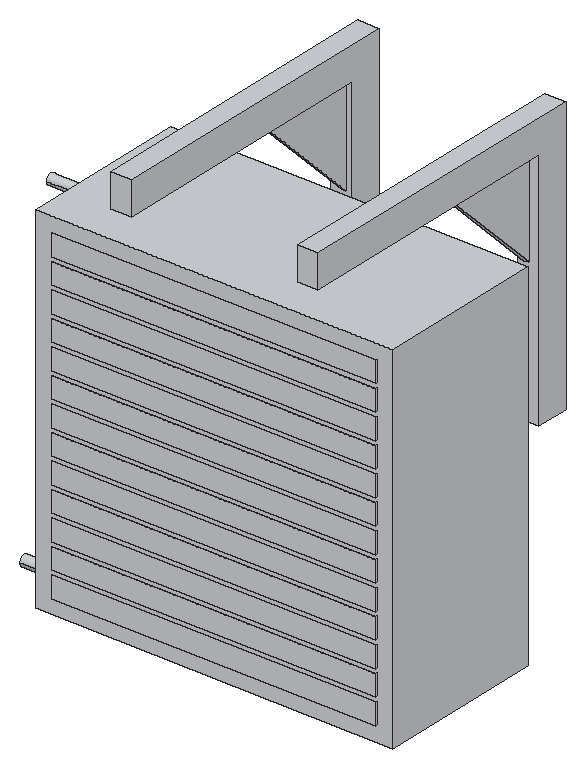
Revit family "Mark Tanner MDA verwarmer wandmontage", category Mechanical Equipment, Revit 2015
Parameters
  voltage = 0 V
  vermogen = 0 W
  schijnbaar_vermogen = voltage * nominale stroom  # 0 VA
  o2 [instance] = 333.225 mm
  o1 = 660 mm
  nominale stroom = 0 A
  lengte = l1  # 860 mm
  l3 = l1 + 100 mm  # 960 mm
  l2 = 450 mm
  l1 = h1  # 860 mm
  hoogte = h1  # 860 mm
  h1 = 860 mm
  gewicht = ""
  elektrisch_vermogen = 0 W
  debiet = 0.0 L/s
  con 1_RN = con 1_DN / 2  # 12.5 mm
  con 1_DN = 25 mm
  breedte = b1  # 405 mm
  b2 = b1 - 80 mm  # 325 mm
  b1 = 405 mm
  artikelnummer = ""
  aantal_polen = 1
  URL = "http://www.mark.nl/producten/"
  Type Comments = "MDA 121, 2 rijige wisselaar, 1 fase 230V fan, ,waterzijdige aansluiting 1"
  Model = "MDA 100"
  Manufacturer = "Mark"  # constant formula
Reference planes
  plane 1 "Center (Front/Back)": y = 0
  plane 2: z = 0
  plane 3 "Center (Left/Right)": x = 0
  plane 4: x = -430
  plane 5: x = 430
  plane 6: z = -145
  plane 7: y = -744
Dimensions and locks
  "l1": plane 4 to plane 5
  equal spacing: plane 4, plane 3 "Center (Left/Right)", plane 5
  aligned and locked: level to plane 2
  aligned and locked: plane 6 to nested 2
  aligned and locked: nested 2 to plane 7
  aligned and locked: plane 3 "Center (Left/Right)" to nested 1
Nested families
  nested 1: "Wand console" at (0, 0, 0), b1 <- "b2", l1 <- "l2", type "Wand console"
    with l1 450 mm, b1 325 mm
  nested 2: "Verwarmer" at (0, -541.5, -145), b1 <- "b1", h1 <- "h1", l1 <- "l1", r1 <- "con 1_RN", type "MDA 100"
    with r1 12.5 mm, l1 860 mm, h1 860 mm, b1 405 mm, b 780 mm, aantal 13, a 790 mm
Connectors
  electrical at (0, -541.5, -145), driven by "aantal_polen", driven by "voltage", driven by "schijnbaar_vermogen"
    settings: on nested 2, index 1, voltage 0 V, apparent load 0 VA, apparent load phase1 0 VA, apparent load phase2 0 VA, apparent load phase3 0 VA, power factor 1, load classification "Other", number of poles 1, system type 31, power factor state 1, is connector primary yes, connector utility no, sub classification motor no, connector description ""
  piping at (-522, -584, -181), diameter 25, driven by "con 1_DN"
    settings: on nested 2, index 2, connector inside diameter 609.6 mm, connector length 0 mm, flow factor 0, pipe flow 0.0 L/s, pressure drop 0.0 Pa, fitting loss kfactor 0, connector angle 0.00°, fixture units 0, engagement length 0 mm, angle of deflection 0.00°, flow configuration 0, flow direction 2, fitting loss method 0, system type 8, joint type 0, gender type 0, connector reference index -1, connector utility 0, adjustable connector no, is connector primary yes, connector description "retour"
  piping at (-522, -664, -969), diameter 25, driven by "con 1_DN"
    settings: on nested 2, index 3, connector inside diameter 609.6 mm, connector length 0 mm, flow factor 0, pipe flow 0.0 L/s, pressure drop 0.0 Pa, fitting loss kfactor 0, connector angle 0.00°, fixture units 0, engagement length 0 mm, angle of deflection 0.00°, flow configuration 0, flow direction 1, fitting loss method 0, system type 7, joint type 0, gender type 0, connector reference index -1, connector utility 0, adjustable connector no, is connector primary no, connector description ""
Definition of nested family "Wand console"
  Parameters (values of type "Wand console")
    l1 [instance] = 500 mm
    b1 [instance] = 300 mm
    artikelnummer = "5064051"  # constant formula
    URL = "http://www.mark.nl/producten/"
    Manufacturer = "Mark"  # constant formula
    Description = "plafond console"  # constant formula
  Reference planes
    plane 1 "Center (Front/Back)": y = 0
    plane 2: z = 0
    plane 3 "Center (Left/Right)": x = 0
    plane 4: x = -250
    plane 5: x = 250
  Forms (mm)
    Sweep 1, solid
      path origin (-250, 370.38, 1200) x (0, 1, 0) y (0, 0, 1)
        loop
          line (-1114.38, -1200) -> (-370.38, -1200) -> (-370.38, -1864)
      profile origin (-250, 0, -332) x (1, 0, 0) y (0, 1, 0)
        loop
          line (25, 0) -> (-25, 0) -> (-25, -80) -> (25, -80) -> (25, 0)
    Sweep 2, solid
      path origin (250, -539.048, 1120) x (0, -1, 0) y (0, 0, 1)
        loop
          line (204.952, -1200) -> (-459.048, -1200) -> (-459.048, -1784)
      profile origin (250, -80, -372) x (-1, 0, 0) y (0, -1, 0)
        loop
          line (25, 0) -> (-25, 0) -> (-25, -80) -> (25, -80) -> (25, 0)
    Extrusion 3, solid
      sketch origin (-250, 370.38, 1200) x (0, 1, 0) y (0, 0, 1)
        loop
          line (-690.38, -1280) -> (-450.38, -1520) -> (-450.38, -1280) -> (-690.38, -1280)
      from 0 to 11
    Extrusion 4, solid
      sketch origin (250, -459.048, 1200) x (0, -1, 0) y (0, 0, 1)
        loop
          line (-379.048, -1280) -> (-379.048, -1520) -> (-139.048, -1280) -> (-379.048, -1280)
      from 0 to 11
  Dimensions and locks
    equal spacing: plane 4, plane 3 "Center (Left/Right)", plane 5
    "l1": plane 4 to plane 5
    equal spacing: Sweep 1 sketch curve, profile plane, Sweep 1 sketch curve
    equal spacing: Sweep 2 sketch curve, profile plane, Sweep 2 sketch curve
    locked: Sweep 2 sketch curve to Sweep 2 sketch curve at 50
    locked: Sweep 1 sketch curve to Sweep 1 sketch curve at 50
    aligned and locked: level to plane 2
    aligned and locked: Sweep 2 to plane 1 "Center (Front/Back)"
  Automatic sketch dimensions
    Sweep 1 sketch curve to level = 0 mm
    Sweep 1 sketch curve to plane 1 "Center (Front/Back)" = 0 mm
    plane 1 "Center (Front/Back)" to Sweep 1 sketch curve = 744 mm
    Sweep 1 sketch curve to level = 664 mm
    profile plane to Sweep 1 sketch curve = 0 mm
    Sweep 1 sketch curve to Sweep 1 sketch curve = 80 mm
    profile plane to Sweep 2 sketch curve = 0 mm
    Sweep 2 sketch curve to Sweep 2 sketch curve = 80 mm
    plane 1 "Center (Front/Back)" to Sweep 2 sketch curve = 80 mm
    Sweep 2 sketch curve to level = 80 mm
    Sweep 2 sketch curve to Sweep 2 sketch curve = 664 mm
    Sweep 2 sketch curve to Sweep 2 sketch curve = 584 mm
    plane 1 "Center (Front/Back)" to Extrusion 3 sketch curve = 80 mm
    Extrusion 3 sketch curve to level = 320 mm
    Extrusion 3 sketch curve to level = 80 mm
    Extrusion 3 sketch curve to Extrusion 3 sketch curve = 240 mm
    Extrusion 4 sketch curve to level = 80 mm
    plane 1 "Center (Front/Back)" to Extrusion 4 sketch curve = 320 mm
    plane 1 "Center (Front/Back)" to Extrusion 4 sketch curve = 80 mm
    Extrusion 4 sketch curve to Extrusion 4 sketch curve = 240 mm
Definition of nested family "Verwarmer"
  Parameters (values of type "MDA 100")
    r1 [instance] = 12.5 mm
    l1 [instance] = 860 mm
    h1 [instance] = 860 mm
    b1 [instance] = 405 mm
    b [instance] = l1 - 80 mm  # 780 mm
    aantal [instance] = a / 60 mm  # 13
    a [instance] = h1 - 70 mm  # 790 mm
    Default Elevation = 1219.2 mm
  Reference planes
    plane 1 "Center (Front/Back)": y = 0
    plane 2: z = 0
    plane 3 "Center (Left/Right)": x = 0
    plane 4: x = -430
    plane 5: x = 430
    plane 6: x = -390
    plane 7: x = 390
    plane 8: y = 202.5
    plane 9: y = -202.5
    plane 10: y = -42.5
    plane 11: y = -122.5
    plane 12: z = -860
    plane 13: z = -36
    plane 14: z = -824
    plane 15: z = -430
  Forms (mm)
    Extrusion 1, solid
      sketch origin (0, 0, 0) x (1, 0, 0) y (0, 1, 0)
        loop
          line (-430, 202.5) -> (-430, -202.5) -> (430, -202.5) -> (430, 202.5) -> (-430, 202.5)
      from 0 to -860
    Sweep 2, solid
      path origin (1317.187, -1524, -36) x (0, -1, 0) y (1, 0, 0)
        loop
          line (-1401.5, -1747.187) -> (-1401.5, -1839.187)
      profile origin (-476, -122.5, -36) x (0, -1, 0) y (0, 0, 1)
        loop
          circle (0, -788) r 12.5
    Sweep 3, solid
      path origin (0, 0, 0) x (1, 0, 0) y (0, 1, 0)
        loop
          line (-522, -30) -> (-430, -30)
      profile origin (-476, -30, 0) x (0, 1, 0) y (0, 0, 1)
        loop
          circle (-12.5, -36) r 12.5
  Dimensions and locks
    equal spacing: plane 4, plane 3 "Center (Left/Right)", plane 5
    "l1": plane 4 to plane 5
    equal spacing: plane 6, plane 3 "Center (Left/Right)", plane 7
    "b1": plane 8 to plane 9
    equal spacing: plane 8, plane 1 "Center (Front/Back)", plane 9
    locked: plane 9 to plane 11 at 80
    locked: plane 10 to plane 9 at 160
    equal spacing: plane 2, plane 15, plane 12
    "h1": plane 2 to plane 12
    locked: plane 14 to plane 12 at 36
    locked: plane 2 to plane 13 at 36
    plane 13 to plane 14 = 788 mm
    equal spacing: plane 7, plane 3 "Center (Left/Right)", plane 6
    "b": plane 6 to plane 7
    equal spacing: group 1, group 3, group 4, group 5, group 6, group 7, group 8, group 9, group 10, group 11, group 12, group 13, group 2  (x2)
    equal spacing: group 2, group 13, group 12, group 11, group 10, group 9, group 8, group 7, group 6, group 5, group 4, group 3, group 1
    "r1": radius of Sweep 2 sketch curve
    "r1": radius of Sweep 3 sketch curve
    aligned and locked: level to plane 2
    aligned and locked: Extrusion 1 sketch curve to plane 8
    aligned and locked: plane 4 to Extrusion 1 sketch curve
    aligned and locked: plane 5 to Extrusion 1 sketch curve
    aligned and locked: plane 9 to Extrusion 1 sketch curve
    aligned and locked: Extrusion 1 to plane 12
    aligned and locked: plane 4 to Sweep 2 sketch curve
    aligned and locked: Sweep 2 sketch curve to plane 11  (x2)
    aligned and locked: plane 14 to Sweep 2 sketch curve
    aligned and locked: plane 4 to Sweep 3 sketch curve
    aligned and locked: plane 13 to Sweep 3 sketch curve
    aligned and locked: plane 10 to Sweep 3 sketch curve
    aligned and locked: plane 3 "Center (Left/Right)" to nested 1
    aligned and locked: nested 1 to plane 9
    aligned and locked: nested 2 to plane 14
    aligned and locked: nested 2 to plane 9
  Automatic sketch dimensions
    Sweep 2 sketch curve to Sweep 2 sketch curve = 92 mm
    Sweep 3 sketch curve to plane 4 = 92 mm
    plane 1 "Center (Front/Back)" to Sweep 3 sketch curve = 30 mm
  Nested families
    nested 1: "Family5" at (0, -202.5, -36), a <- "b", type "Family5"
      with a 780 mm
    nested 2: "Family5" at (0, -202.5, -774), a <- "b", type "Family5"
      with a 780 mm
    nested 3: "Family5" at (0, -202.5, -97.5), a <- "b", type "Family5"
      with a 780 mm
    nested 4: "Family5" at (0, -202.5, -159), a <- "b", type "Family5"
      with a 780 mm
    nested 5: "Family5" at (0, -202.5, -220.5), a <- "b", type "Family5"
      with a 780 mm
    nested 6: "Family5" at (0, -202.5, -282), a <- "b", type "Family5"
      with a 780 mm
    nested 7: "Family5" at (0, -202.5, -343.5), a <- "b", type "Family5"
      with a 780 mm
    nested 8: "Family5" at (0, -202.5, -405), a <- "b", type "Family5"
      with a 780 mm
    nested 9: "Family5" at (0, -202.5, -466.5), a <- "b", type "Family5"
      with a 780 mm
    nested 10: "Family5" at (0, -202.5, -528), a <- "b", type "Family5"
      with a 780 mm
    nested 11: "Family5" at (0, -202.5, -589.5), a <- "b", type "Family5"
      with a 780 mm
    nested 12: "Family5" at (0, -202.5, -651), a <- "b", type "Family5"
      with a 780 mm
    nested 13: "Family5" at (0, -202.5, -712.5), a <- "b", type "Family5"
      with a 780 mm
  Definition of nested family "Family5"
    Parameters (values of type "Family5")
      a [instance] = 752.12 mm
    Reference planes
      plane 1 "Center (Front/Back)": y = 0
      plane 2: z = 0
      plane 3 "Center (Left/Right)": x = 0
    Forms (mm)
      Extrusion 1, solid
        sketch origin (0, 0, 0) x (1, 0, 0) y (0, 1, 0)
          loop
            line (-376.06, 1.5) -> (-376.06, -1.5) -> (376.06, -1.5) -> (376.06, 1.5) -> (-376.06, 1.5)
        from -50 to 0
    Dimensions and locks
      equal spacing: Extrusion 1 sketch curve, plane 3 "Center (Left/Right)", Extrusion 1 sketch curve
      "a": Extrusion 1 sketch curve to Extrusion 1 sketch curve
      aligned and locked: level to plane 2
    Automatic sketch dimensions
      plane 1 "Center (Front/Back)" to Extrusion 1 sketch curve = 1.5 mm
      Extrusion 1 sketch curve to plane 1 "Center (Front/Back)" = 1.5 mm
Types in the file's own list only (42): name | voltage | vermogen | schijnbaar_vermogen | nominale stroom | lengte | l3 | l2 | l1 | hoogte | h1 | gewicht | elektrisch_vermogen | debiet | con 1_RN | con 1_DN | breedte | b2 | b1 | artikelnummer | aantal_polen | URL | Type Comments | Model
  Tanner MDA 121L | 230 V | 14500 W | 108 VA | 0 A | 450 mm | 550 mm | 387 mm | 450 mm | 450 mm | 450 mm | "22" | 90 W | 1595.0 L/s | 13 mm | 25 mm | 380 mm | 300 mm | 380 mm | "MDA 121L" | 1 | "http://www.mark.nl/luchtverwarming/watergevoed/tanner-mda/" | "MDA 121 ( 2 rijige wisselaar 1 fase 230 V fan waterzijdige aansluiting 1  laag toerental )" | "MDA 100"
  Tanner MDA 131L | 230 V | 17000 W | 108 VA | 0 A | 450 mm | 550 mm | 387 mm | 450 mm | 450 mm | 450 mm | "23" | 90 W | 1446.0 L/s | 13 mm | 25 mm | 380 mm | 300 mm | 380 mm | "MDA 131L" | 1 | "http://www.mark.nl/luchtverwarming/watergevoed/tanner-mda/" | "MDA 131 ( 3 rijige wisselaar  1 fase 230 V fan waterzijdige aansluiting 1 laag toerental)" | "MDA 100"
  Tanner MDA 141L | 230 V | 19000 W | 108 VA | 0 A | 450 mm | 550 mm | 387 mm | 450 mm | 450 mm | 450 mm | "24" | 90 W | 1265.0 L/s | 13 mm | 25 mm | 380 mm | 300 mm | 380 mm | "MDA 141L" | 1 | "http://www.mark.nl/luchtverwarming/watergevoed/tanner-mda/" | "MDA 131 ( 4 rijige wisselaar  1 fase 230 V fan waterzijdige aansluiting 1 laag toerental)" | "MDA 100"
  Tanner MDA 211L | 230 V | 14100 W | 117 VA | 1 A | 580 mm | 680 mm | 517 mm | 580 mm | 580 mm | 580 mm | "30" | 120 W | 2805.0 L/s | 13 mm | 25 mm | 385 mm | 305 mm | 385 mm | "MDA 211L" | 1 | "http://www.mark.nl/luchtverwarming/watergevoed/tanner-mda/" | "MDA 211 ( 1 rijige wisselaar  1 fase 230 V fanwaterzijdige aansluiting 1 laag toerental)" | "MDA 200"
  Tanner MDA 221L | 230 V | 25100 W | 117 VA | 1 A | 580 mm | 680 mm | 517 mm | 580 mm | 580 mm | 580 mm | "32" | 120 W | 2656.0 L/s | 13 mm | 25 mm | 385 mm | 305 mm | 385 mm | "MDA 221L" | 1 | "http://www.mark.nl/luchtverwarming/watergevoed/tanner-mda/" | "MDA 221 ( 2 rijige wisselaar  1 fase 230 V fan waterzijdige aansluiting 1 laag toerental)" | "MDA 200"
  Tanner MDA 231L | 230 V | 30800 W | 117 VA | 1 A | 580 mm | 680 mm | 517 mm | 580 mm | 580 mm | 580 mm | "34" | 120 W | 2381.0 L/s | 13 mm | 25 mm | 385 mm | 305 mm | 385 mm | "MDA 231L" | 1 | "http://www.mark.nl/luchtverwarming/watergevoed/tanner-mda/" | "MDA 231 ( 3 rijige wisselaar  1 fase 230 V fan waterzijdige aansluiting 1 laag toerental)" | "MDA 200"
  Tanner MDA 241L | 230 V | 33300 W | 117 VA | 1 A | 580 mm | 680 mm | 517 mm | 580 mm | 580 mm | 580 mm | "36" | 120 W | 2230.0 L/s | 13 mm | 25 mm | 385 mm | 305 mm | 385 mm | "MDA 241L" | 1 | "http://www.mark.nl/luchtverwarming/watergevoed/tanner-mda/" | "MDA 241 ( 4 rijige wisselaar  1 fase 230 V fan waterzijdige aansluiting 1 laag toerental)" | "MDA 200"
  Tanner MDA 321L | 230 V | 52700 W | 391 VA | 2 A | 730 mm | 830 mm | 667 mm | 730 mm | 730 mm | 730 mm | "43" | 330 W | 6495.0 L/s | 13 mm | 25 mm | 385 mm | 305 mm | 385 mm | "MDA 321L" | 1 | "http://www.mark.nl/luchtverwarming/watergevoed/tanner-mda/" | "MDA 321 ( 2 rijige wisselaar  1 fase 230 V fan waterzijdige aansluiting 1 laag toerental)" | "MDA 300"
  Tanner MDA 331L | 230 V | 65900 W | 391 VA | 2 A | 730 mm | 830 mm | 667 mm | 730 mm | 730 mm | 730 mm | "46" | 330 W | 5857.0 L/s | 16 mm | 32 mm | 385 mm | 305 mm | 385 mm | "MDA 331L" | 1 | "http://www.mark.nl/luchtverwarming/watergevoed/tanner-mda/" | "MDA 331 ( 3 rijige wisselaar  1 fase 230 V fan waterzijdige aansluiting 11/4 laag toerental)" | "MDA 300"
  Tanner MDA 341L | 230 V | 72100 W | 391 VA | 2 A | 730 mm | 830 mm | 667 mm | 730 mm | 730 mm | 730 mm | "49" | 330 W | 5423.0 L/s | 16 mm | 32 mm | 385 mm | 305 mm | 385 mm | "MDA 341L" | 1 | "http://www.mark.nl/luchtverwarming/watergevoed/tanner-mda/" | "MDA 341 ( 4 rijige wisselaar  1 fase 230 V fan waterzijdige aansluiting 11/4 laag toerental)" | "MDA 300"
  Tanner MDA 411L | 230 V | 42500 W | 598 VA | 3 A | 860 mm | 960 mm | 667 mm | 860 mm | 860 mm | 860 mm | "51" | 550 W | 10320.0 L/s | 16 mm | 32 mm | 405 mm | 325 mm | 405 mm | "MDA 411L" | 1 | "http://www.mark.nl/luchtverwarming/watergevoed/tanner-mda/" | "MDA 411 ( 1 rijige wisselaar  1 fase 230 V fanwaterzijdige aansluiting 11/4 laag toerental)" | "MDA 400"
  Tanner MDA 421L | 230 V | 80000 W | 598 VA | 3 A | 860 mm | 960 mm | 667 mm | 860 mm | 860 mm | 860 mm | "55" | 550 W | 9933.0 L/s | 16 mm | 32 mm | 405 mm | 325 mm | 405 mm | "MDA 421L" | 1 | "http://www.mark.nl/luchtverwarming/watergevoed/tanner-mda/" | "MDA 421 ( 2 rijige wisselaar  1 fase 230 V fanwaterzijdige aansluiting 11/4 laag toerental)" | "MDA 400"
  Tanner MDA 431L | 230 V | 101000 W | 598 VA | 3 A | 860 mm | 960 mm | 667 mm | 860 mm | 860 mm | 860 mm | "59" | 550 W | 8816.0 L/s | 20 mm | 40 mm | 405 mm | 325 mm | 405 mm | "MDA 431L" | 1 | "http://www.mark.nl/luchtverwarming/watergevoed/tanner-mda/" | "MDA 431 ( 3 rijige wisselaar  1 fase 230 V fanwaterzijdige aansluiting 11/2 laag toerental)" | "MDA 400"
  Tanner MDA 441L | 230 V | 110000 W | 598 VA | 3 A | 860 mm | 960 mm | 667 mm | 860 mm | 860 mm | 860 mm | "63" | 550 W | 8217.0 L/s | 20 mm | 40 mm | 405 mm | 325 mm | 405 mm | "MDA 441L" | 1 | "http://www.mark.nl/luchtverwarming/watergevoed/tanner-mda/" | "MDA 441 ( 4 rijige wisselaar  1 fase 230 V fanwaterzijdige aansluiting 11/2 laag toerental)" | "MDA 400"
  Tanner MDA 121H | 230 V | 18000 W | 154 VA | 1 A | 450 mm | 550 mm | 387 mm | 450 mm | 450 mm | 450 mm | "22" | 150 W | 2365.0 L/s | 13 mm | 25 mm | 380 mm | 300 mm | 380 mm | "MDA 121H" | 1 | "http://www.mark.nl/luchtverwarming/watergevoed/tanner-mda/" | "MDA 121 ( 2 rijige wisselaar  1 fase 230 V fan waterzijdige aansluiting 1 hoog toerental)" | "MDA 100"
  Tanner MDA 131H | 230 V | 22100 W | 154 VA | 1 A | 450 mm | 550 mm | 387 mm | 450 mm | 450 mm | 450 mm | "23" | 150 W | 2244.0 L/s | 13 mm | 25 mm | 380 mm | 300 mm | 380 mm | "MDA 131H" | 1 | "http://www.mark.nl/luchtverwarming/watergevoed/tanner-mda/" | "MDA 131 ( 3 rijige wisselaar  1 fase 230 V fan waterzijdige aansluiting 1 hoog toerental)" | "MDA 100"
  Tanner MDA 141H | 230 V | 25100 W | 154 VA | 1 A | 450 mm | 550 mm | 387 mm | 450 mm | 450 mm | 450 mm | "24" | 150 W | 1914.0 L/s | 13 mm | 25 mm | 380 mm | 300 mm | 380 mm | "MDA 141H" | 1 | "http://www.mark.nl/luchtverwarming/watergevoed/tanner-mda/" | "MDA 131 ( 4 rijige wisselaar  1 fase 230 V fan waterzijdige aansluiting 1 hoog toerental)" | "MDA 100"
  Tanner MDA 211H | 230 V | 17200 W | 311 VA | 1 A | 580 mm | 680 mm | 517 mm | 580 mm | 580 mm | 580 mm | "30" | 280 W | 4450.0 L/s | 13 mm | 25 mm | 385 mm | 305 mm | 385 mm | "MDA 211H" | 1 | "http://www.mark.nl/luchtverwarming/watergevoed/tanner-mda/" | "MDA 211 ( 1 rijige wisselaar  1 fase 230 V fan waterzijdige aansluiting 1 hoog toerental)" | "MDA 200"
  Tanner MDA 221H | 230 V | 32400 W | 311 VA | 1 A | 580 mm | 680 mm | 517 mm | 580 mm | 580 mm | 580 mm | "32" | 280 W | 4202.0 L/s | 13 mm | 25 mm | 385 mm | 305 mm | 385 mm | "MDA 221H" | 1 | "http://www.mark.nl/luchtverwarming/watergevoed/tanner-mda/" | "MDA 221 ( 2 rijige wisselaar  1 fase 230 V fan waterzijdige aansluiting 1 hoog toerental)" | "MDA 200"
  Tanner MDA 231H | 230 V | 42000 W | 311 VA | 1 A | 580 mm | 680 mm | 517 mm | 580 mm | 580 mm | 580 mm | "34" | 280 W | 3932.0 L/s | 13 mm | 25 mm | 385 mm | 305 mm | 385 mm | "MDA 231H" | 1 | "http://www.mark.nl/luchtverwarming/watergevoed/tanner-mda/" | "MDA 231 ( 3 rijige wisselaar  1 fase 230 V fan waterzijdige aansluiting 1 hoog toerental)" | "MDA 200"
  Tanner MDA 241H | 230 V | 46600 W | 311 VA | 1 A | 580 mm | 680 mm | 517 mm | 580 mm | 580 mm | 580 mm | "34" | 280 W | 3734.0 L/s | 13 mm | 25 mm | 385 mm | 305 mm | 385 mm | "MDA 241H" | 1 | "http://www.mark.nl/luchtverwarming/watergevoed/tanner-mda/" | "MDA 241 ( 4 rijige wisselaar  1 fase 230 V fan waterzijdige aansluiting 1 hoog toerental)" | "MDA 200"
  Tanner MDA 123L | 400 V | 14500 W | 40 VA | 0 A | 450 mm | 550 mm | 387 mm | 450 mm | 450 mm | 450 mm | "22" | 50 W | 1595.0 L/s | 13 mm | 25 mm | 380 mm | 300 mm | 380 mm | "MDA 123L" | 3 | "http://www.mark.nl/luchtverwarming/watergevoed/tanner-mda/" | "MDA 123 ( 2 rijige wisselaar  3 fase 400 V fan waterzijdige aansluiting 1 laag toerental)" | "MDA 100"
  Tanner MDA 133L | 400 V | 17000 W | 40 VA | 0 A | 450 mm | 550 mm | 387 mm | 450 mm | 450 mm | 450 mm | "23" | 50 W | 1446.0 L/s | 13 mm | 25 mm | 380 mm | 300 mm | 380 mm | "MDA 133L" | 3 | "http://www.mark.nl/luchtverwarming/watergevoed/tanner-mda/" | "MDA 133 ( 3 rijige wisselaar  3 fase 400 V fan waterzijdige aansluiting 1 laag toerental)" | "MDA 100"
  Tanner MDA 143L | 400 V | 19000 W | 40 VA | 0 A | 450 mm | 550 mm | 387 mm | 450 mm | 450 mm | 450 mm | "24" | 50 W | 1265.0 L/s | 13 mm | 25 mm | 380 mm | 300 mm | 380 mm | "MDA 143L" | 3 | "http://www.mark.nl/luchtverwarming/watergevoed/tanner-mda/" | "MDA 133 ( 4 rijige wisselaar  3 fase 400 V fan waterzijdige aansluiting 1 laag toerental)" | "MDA 100"
  Tanner MDA 213L | 400 V | 14800 W | 120 VA | 0 A | 580 mm | 680 mm | 517 mm | 580 mm | 580 mm | 580 mm | "30" | 120 W | 3050.0 L/s | 13 mm | 25 mm | 385 mm | 305 mm | 385 mm | "MDA 213L" | 3 | "http://www.mark.nl/luchtverwarming/watergevoed/tanner-mda/" | "MDA 213 ( 1 rijige wisselaar  3 fase 400 V fan waterzijdige aansluiting 1 laag toerental)" | "MDA 200"
  Tanner MDA 223L | 400 V | 26200 W | 120 VA | 0 A | 580 mm | 680 mm | 517 mm | 580 mm | 580 mm | 580 mm | "32" | 120 W | 2865.0 L/s | 13 mm | 25 mm | 385 mm | 305 mm | 385 mm | "MDA 223L" | 3 | "http://www.mark.nl/luchtverwarming/watergevoed/tanner-mda/" | "MDA 223 ( 2 rijige wisselaar  3 fase 400 V fan waterzijdige aansluiting 1 laag toerental)" | "MDA 200"
  Tanner MDA 233L | 400 V | 32400 W | 120 VA | 0 A | 580 mm | 680 mm | 517 mm | 580 mm | 580 mm | 580 mm | "34" | 120 W | 2574.0 L/s | 13 mm | 25 mm | 385 mm | 305 mm | 385 mm | "MDA 233L" | 3 | "http://www.mark.nl/luchtverwarming/watergevoed/tanner-mda/" | "MDA 233 ( 3 rijige wisselaar  3 fase 400 V fan waterzijdige aansluiting 1 laag toerental)" | "MDA 200"
  Tanner MDA 243L | 400 V | 35100 W | 120 VA | 0 A | 580 mm | 680 mm | 517 mm | 580 mm | 580 mm | 580 mm | "36" | 120 W | 2414.0 L/s | 13 mm | 25 mm | 385 mm | 305 mm | 385 mm | "MDA 243L" | 3 | "http://www.mark.nl/luchtverwarming/watergevoed/tanner-mda/" | "MDA 243 ( 4 rijige wisselaar  3 fase 400 V fan waterzijdige aansluiting 1 laag toerental)" | "MDA 200"
  Tanner MDA 323L | 400 V | 52700 W | 272 VA | 1 A | 730 mm | 830 mm | 667 mm | 730 mm | 730 mm | 730 mm | "43" | 280 W | 6495.0 L/s | 13 mm | 25 mm | 385 mm | 305 mm | 385 mm | "MDA 323L" | 3 | "http://www.mark.nl/luchtverwarming/watergevoed/tanner-mda/" | "MDA 323 ( 2 rijige wisselaar  3 fase 400 V fan  waterzijdige aansluiting 1 laag toerental)" | "MDA 300"
  Tanner MDA 333L | 400 V | 65900 W | 272 VA | 1 A | 730 mm | 830 mm | 667 mm | 730 mm | 730 mm | 730 mm | "46" | 280 W | 5857.0 L/s | 16 mm | 32 mm | 385 mm | 305 mm | 385 mm | "MDA 333L" | 3 | "http://www.mark.nl/luchtverwarming/watergevoed/tanner-mda/" | "MDA 333 ( 3 rijige wisselaar  3 fase 400 V fan  waterzijdige aansluiting 11/4 laag toerental)" | "MDA 300"
  Tanner MDA 343L | 400 V | 72100 W | 272 VA | 1 A | 730 mm | 830 mm | 667 mm | 730 mm | 730 mm | 730 mm | "46" | 280 W | 5423.0 L/s | 16 mm | 32 mm | 385 mm | 305 mm | 385 mm | "MDA 343L" | 3 | "http://www.mark.nl/luchtverwarming/watergevoed/tanner-mda/" | "MDA 343 ( 4 rijige wisselaar  3 fase 400 V fan  waterzijdige aansluiting 11/4 laag toerental)" | "MDA 300"
  Tanner MDA 413L | 400 V | 45200 W | 620 VA | 2 A | 860 mm | 960 mm | 667 mm | 860 mm | 860 mm | 860 mm | "52" | 510 W | 11600.0 L/s | 16 mm | 32 mm | 405 mm | 325 mm | 405 mm | "MDA 413L" | 3 | "http://www.mark.nl/luchtverwarming/watergevoed/tanner-mda/" | "MDA 413 ( 1 rijige wisselaar  3 fase 400 V fan  waterzijdige aansluiting 11/4 laag toerental)" | "MDA 400"
  Tanner MDA 423L | 400 V | 84000 W | 400 VA | 1 A | 860 mm | 960 mm | 667 mm | 860 mm | 860 mm | 860 mm | "52" | 510 W | 10868.0 L/s | 16 mm | 32 mm | 405 mm | 325 mm | 405 mm | "MDA 423L" | 3 | "http://www.mark.nl/luchtverwarming/watergevoed/tanner-mda/" | "MDA 423 ( 2 rijige wisselaar  3 fase 400 V fan  waterzijdige aansluiting 11/4 laag toerental)" | "MDA 400"
  Tanner MDA 433L | 400 V | 107000 W | 400 VA | 1 A | 860 mm | 960 mm | 667 mm | 860 mm | 860 mm | 860 mm | "61" | 510 W | 9735.0 L/s | 20 mm | 40 mm | 405 mm | 325 mm | 405 mm | "MDA 433L" | 3 | "http://www.mark.nl/luchtverwarming/watergevoed/tanner-mda/" | "MDA 433 ( 3 rijige wisselaar  3 fase 400 V fan  waterzijdige aansluiting 11/2 laag toerental)" | "MDA 400"
  Tanner MDA 443L | 400 V | 117000 W | 400 VA | 1 A | 860 mm | 960 mm | 667 mm | 860 mm | 860 mm | 860 mm | "64" | 510 W | 9064.0 L/s | 20 mm | 40 mm | 405 mm | 325 mm | 405 mm | "MDA 443L" | 3 | "http://www.mark.nl/luchtverwarming/watergevoed/tanner-mda/" | "MDA 443 ( 4 rijige wisselaar  3 fase 400 V fan  waterzijdige aansluiting 11/2 laag toerental)" | "MDA 400"
  Tanner MDA 123H | 230 V | 18000 W | 58 VA | 0 A | 450 mm | 550 mm | 387 mm | 450 mm | 450 mm | 450 mm | "22" | 150 W | 2365.0 L/s | 13 mm | 25 mm | 380 mm | 300 mm | 380 mm | "MDA 123H" | 1 | "http://www.mark.nl/luchtverwarming/watergevoed/tanner-mda/" | "MDA 123 ( 2 rijige wisselaar  3 fase 400 V fan waterzijdige aansluiting 1 hoog toerental)" | "MDA 100"
  Tanner MDA 133H | 230 V | 22100 W | 58 VA | 0 A | 450 mm | 550 mm | 387 mm | 450 mm | 450 mm | 450 mm | "23" | 150 W | 2244.0 L/s | 13 mm | 25 mm | 380 mm | 300 mm | 380 mm | "MDA 133H" | 1 | "http://www.mark.nl/luchtverwarming/watergevoed/tanner-mda/" | "MDA 133 ( 3 rijige wisselaar  3 fase 400 V fan waterzijdige aansluiting 1 hoog toerental)" | "MDA 100"
  Tanner MDA 143H | 230 V | 25100 W | 58 VA | 0 A | 450 mm | 550 mm | 387 mm | 450 mm | 450 mm | 450 mm | "24" | 150 W | 1914.0 L/s | 13 mm | 25 mm | 380 mm | 300 mm | 380 mm | "MDA 143H" | 1 | "http://www.mark.nl/luchtverwarming/watergevoed/tanner-mda/" | "MDA 133 ( 4 rijige wisselaar  3 fase 400 V fan waterzijdige aansluiting 1 hoog toerental)" | "MDA 100"
  Tanner MDA 213H | 230 V | 17200 W | 154 VA | 1 A | 580 mm | 680 mm | 517 mm | 580 mm | 580 mm | 580 mm | "30" | 280 W | 4450.0 L/s | 13 mm | 25 mm | 385 mm | 305 mm | 385 mm | "MDA 213H" | 1 | "http://www.mark.nl/luchtverwarming/watergevoed/tanner-mda/" | "MDA 213 ( 1 rijige wisselaar  3 fase 400 V fan waterzijdige aansluiting 1 hoog toerental)" | "MDA 200"
  Tanner MDA 223H | 230 V | 32400 W | 154 VA | 1 A | 580 mm | 680 mm | 517 mm | 580 mm | 580 mm | 580 mm | "32" | 280 W | 4202.0 L/s | 13 mm | 25 mm | 385 mm | 305 mm | 385 mm | "MDA 223H" | 1 | "http://www.mark.nl/luchtverwarming/watergevoed/tanner-mda/" | "MDA 223 ( 2 rijige wisselaar  3 fase 400 V fan waterzijdige aansluiting 1 hoog toerental)" | "MDA 200"
  Tanner MDA 233H | 230 V | 42000 W | 154 VA | 1 A | 580 mm | 680 mm | 517 mm | 580 mm | 580 mm | 580 mm | "34" | 280 W | 3932.0 L/s | 13 mm | 25 mm | 385 mm | 305 mm | 385 mm | "MDA 233H" | 1 | "http://www.mark.nl/luchtverwarming/watergevoed/tanner-mda/" | "MDA 233 ( 3 rijige wisselaar  3 fase 400 V fan waterzijdige aansluiting 1 hoog toerental)" | "MDA 200"
  Tanner MDA 243H | 230 V | 46600 W | 154 VA | 1 A | 580 mm | 680 mm | 517 mm | 580 mm | 580 mm | 580 mm | "34" | 280 W | 3734.0 L/s | 13 mm | 25 mm | 385 mm | 305 mm | 385 mm | "MDA 243H" | 1 | "http://www.mark.nl/luchtverwarming/watergevoed/tanner-mda/" | "MDA 243 ( 4 rijige wisselaar  3 fase 400 V fan waterzijdige aansluiting 1 hoog toerental)" | "MDA 200"
